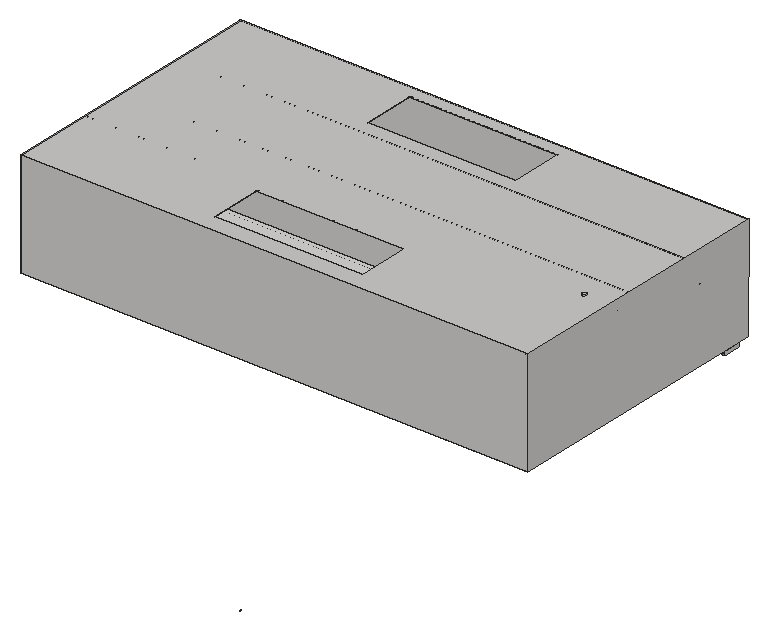
Revit family "QF_ELECTROLUXPROFESSIONAL_640230_STPF1324", category Specialty Equipment, Revit 2014
Reference planes
  plane 1: z = 0
  plane 2 "Center (Left/Right)": x = 150
  plane 3 "LEFT": x = -1050
  plane 4 "RIGHT": x = 1350
  plane 5 "BACK": y = 550
  plane 6 "TOP": z = 2500
  plane 7 "Base": z = 2000
  plane 8: z = 1955
  plane 9 "DrainY": y = 490
  plane 10: x = -1047
  plane 11 "DrainX": x = 1230
  plane 12 "AOLeft2": x = 500
  plane 13: x = 1347
  plane 14: x = -850
  plane 15: x = 1150
  plane 16 "Center (Front/Back)": y = -100
  plane 17 "Front": y = -750
  plane 18 "AOLeft1": x = -200
  plane 19: y = -664
  plane 20: y = -414
  plane 21: y = 240
  plane 22: y = 490
  plane 23 "EI_y": y = -270
  plane 24 "EIx": x = 1230
Forms (mm)
  Extrusion 1, solid, material "QF_Finishes_Stainless Steel"
    sketch origin (-1050, 0, 360) x (0, 1, 0) y (0, 0, 1)
      loop
        line (550, 1640) -> (550, 2140) -> (-750, 2140) -> (-750, 1640) -> (550, 1640)
    from 0 to 3
  Extrusion 2, solid, material "QF_Finishes_Stainless Steel"
    sketch origin (1350, 0, 360) x (0, 1, 0) y (0, 0, 1)
      loop
        line (550, 1640) -> (550, 2140) -> (-750, 2140) -> (-750, 1640) -> (550, 1640)
    from 0 to -3
  Extrusion 3, solid, material "QF_Finishes_Stainless Steel"
    sketch origin (150, 0, 360) x (0, 1, 0) y (0, 0, 1)
      loop
        line (-750, 2140) -> (-750, 1640) -> (-740, 1640) -> (-740, 1640.8) -> (-749.2, 1640.8) -> (-749.2, 2139.19) -> (549.2, 2139.19) -> (549.2, 1640.8) -> (540, 1640.8) -> (540, 1640) -> (550, 1640) -> (550, 2140) -> (-750, 2140)
    from -1200 to 1200
  Extrusion 4, solid, material "QF_Finishes_Stainless Steel"
    sketch origin (0, 0, 2000) x (0, 1, 0) y (-1, 0, 0)
      loop
        circle (490, -1230) r 4.763
    from -30 to 0
  Extrusion 5, void
    sketch origin (0, 0, 2500) x (0, 1, 0) y (-1, 0, 0)
      loop
        line (-414, -500) -> (-414, 200) -> (-664, 200) -> (-664, -500) -> (-414, -500)
    from 0 to -10
  Extrusion 6, solid, material "QF_Finishes_Stainless Steel"
    sketch origin (0, 0, 0) x (1, 0, 0) y (0, 1, 0)
      loop
        line (-1050, 550) -> (-1050, 549) -> (-1049, 549) -> (-1049, 550) -> (-1050, 550)
    from 0 to 1
  Extrusion 7, solid, material "QF_LAMPS"
    sketch origin (150, 0, 360) x (0, 1, 0) y (0, 0, 1)
      loop
        line (-372.823, 1962.324) -> (-218.948, 2086.929) -> (-227.129, 2097.032) -> (-381.003, 1972.426) -> (-372.823, 1962.324)
    from 1197 to -1197
  Extrusion 8, solid, material "QF_Finishes_Stainless Steel"
    sketch origin (150, 0, 360) x (0, 1, 0) y (0, 0, 1)
      loop
        line (-750, 2139.19) -> (-750, 1640) -> (-686.602, 1640) -> (-599.146, 1690.493) -> (-610.058, 1709.394) -> (-666.564, 1676.77) -> (-714.704, 1680.982) -> (-749.2, 1730.248) -> (-749.2, 2139.19) -> (-750, 2139.19)
      loop
        line (-373.6, 1961.694) -> (-381.937, 1971.99) -> (-369.095, 1982.182) -> (-369.095, 2139.19) -> (-369.895, 2139.19) -> (-369.895, 1982.569) -> (-682.298, 1734.63) -> (-671.091, 1720.79) -> (-373.6, 1961.694)
      loop
        line (-227.61, 2099.216) -> (-218.171, 2087.559) -> (-154.411, 2139.19) -> (-155.682, 2139.19) -> (-218.052, 2088.684) -> (-226.989, 2099.719) -> (-227.61, 2099.216)
    from -1197 to 1197
  Sweep 9, solid, material "QF_Finishes_Stainless Steel"
    path origin (0, 0, 0) x (1, 0, 0) y (0, 1, 0)
      loop
        line (1350, 550) -> (-1050, 550) -> (-1050, -750) -> (1350, -750) -> (1350, 550)
    profile origin (1350, -100, 0) x (1, 0, 0) y (0, 0, 1)
      loop
        line (-3, 2000) -> (-3, 2000.8) -> (-19, 2000.8) -> (-19, 2010) -> (-20, 2010) -> (-20, 2000) -> (-3, 2000)
  Extrusion 10, solid, material "QF_Finishes_Stainless Steel"
    sketch origin (150, 0, 0) x (0, 1, 0) y (0, 0, 1)
      loop
        line (414.66, 2095.469) -> (440.643, 2110.471) -> (261.744, 2411.771) -> (235.948, 2396.455) -> (414.66, 2095.469)
    from -1197 to -1000
  Extrusion 11, solid, material "QF_Finishes_Stainless Steel"
    sketch origin (1230, 0, 0) x (0, 1, 0) y (0, 0, 1)
      loop
        line (539, 2000) -> (441, 2000) -> (441, 1989) -> (448.5, 1989) -> (448.5, 1965)
        arc (448.5, 1965) -> (451.429, 1957.929) -> (458.5, 1955) r 10
        line (458.5, 1955) -> (521.5, 1955)
        arc (521.5, 1955) -> (528.571, 1957.929) -> (531.5, 1965) r 10
        line (531.5, 1965) -> (531.5, 1989) -> (539, 1989) -> (539, 2000)
    from 90 to -90
  Extrusion 12, solid, material "QF_Finishes_Stainless Steel"
    sketch origin (150, 0, 360) x (0, 1, 0) y (0, 0, 1)
      loop
        line (-750, 2139.19) -> (-750, 1640) -> (-686.602, 1640) -> (-599.146, 1690.493) -> (-610.058, 1709.394) -> (-666.564, 1676.77) -> (-714.704, 1680.982) -> (-749.2, 1730.248) -> (-749.2, 2139.19) -> (-750, 2139.19)
      loop
        line (-373.6, 1961.694) -> (-381.937, 1971.99) -> (-369.095, 1982.182) -> (-369.095, 2139.19) -> (-369.895, 2139.19) -> (-369.895, 1982.569) -> (-682.298, 1734.63) -> (-671.091, 1720.79) -> (-373.6, 1961.694)
      loop
        line (-227.61, 2099.216) -> (-218.171, 2087.559) -> (-154.411, 2139.19) -> (-155.682, 2139.19) -> (-218.052, 2088.684) -> (-226.989, 2099.719) -> (-227.61, 2099.216)
    from -1197 to 1197
  Extrusion 13, solid, material "QF_Finishes_Stainless Steel"
    sketch origin (150, 0, 0) x (0, 1, 0) y (0, 0, 1)
      loop
        line (414.66, 2095.469) -> (440.643, 2110.471) -> (261.744, 2411.771) -> (235.948, 2396.455) -> (414.66, 2095.469)
    from 1000 to 1197
  Extrusion 14, solid, material "QF_Finished_Chrome"
    sketch origin (150, 0, 0) x (0, 1, 0) y (0, 0, 1)
      loop
        line (414.66, 2095.469) -> (440.643, 2110.471) -> (261.744, 2411.771) -> (235.948, 2396.455) -> (414.66, 2095.469)
    from -1000 to 1000
  Extrusion 15, void
    sketch origin (0, 1180, 2500) x (0, 1, 0) y (-1, 0, 0)
      loop
        line (-690, -500) -> (-690, 200) -> (-940, 200) -> (-940, -500) -> (-690, -500)
    from 0 to -10
  Extrusion 16, solid, material "QF_Finishes_Stainless Steel"
    sketch origin (0, 0, 2500) x (0, 1, 0) y (-1, 0, 0)
      loop
        circle (-270, -1230) r 10
    from 0 to 1.6
  Extrusion 17, solid, material "QF_Finishes_Stainless Steel"
    sketch origin (150, 0, 360) x (0, 1, 0) y (0, 0, 1)
      loop
        line (430.005, 1640) -> (540, 1640) -> (540, 1640.8) -> (430.467, 1640.8) -> (371.906, 1742.23) -> (414.858, 1734.657) -> (442.266, 1750.481) -> (442.266, 1765.943) -> (441.466, 1765.943) -> (441.466, 1750.943) -> (414.709, 1735.495) -> (321.153, 1751.991) -> (320.875, 1750.416) -> (371.4, 1741.507) -> (430.005, 1640)
      loop
        line (172.529, 2139.19) -> (242.893, 2017.316) -> (245.133, 2018.715) -> (240.13, 2027.381) -> (238.569, 2026.405) -> (173.453, 2139.19) -> (172.529, 2139.19)
    from -1197 to 1197
Cuts and joins
  Extrusion 5, Extrusion 15 cuts Extrusion 3
  joined: Extrusion 2, Extrusion 3, Sweep 9
Lines and regions (mm)
  symbolic lines, style "SpecialityEquipment", detail levels coarse
    curve 1: line (1350, 550, 2500) -> (-1050, 550, 2500)
    curve 2: line (-1050, 550, 2500) -> (-1050, -750, 2500)
    curve 3: line (1350, -750, 2500) -> (1350, 550, 2500)
    curve 4: line (-1050, 550, 0) -> (1350, -750, 0)
    curve 5: line (1350, 550, 0) -> (-1050, -750, 0)
    curve 6: line (-1050, -750, 0) -> (1350, -750, 0)
    curve 7: line (500, -414, 0) -> (-200, -414, 0)
    curve 8: line (500, -664, 0) -> (500, -414, 0)
    curve 9: line (-200, -664, 0) -> (500, -664, 0)
    curve 10: line (-200, -414, 0) -> (-200, -664, 0)
  symbolic lines, detail levels coarse
    curve 11: line (-200, 240, 2500) -> (500, 240, 2500)
    curve 12: line (-200, 490, 2500) -> (-200, 240, 2500)
    curve 13: line (500, 490, 2500) -> (-200, 490, 2500)
    curve 14: line (500, 240, 2500) -> (500, 490, 2500)
Dimensions and locks
  plane 3 "LEFT" to plane 4 "RIGHT" = 2400 mm
  equal spacing: plane 3 "LEFT", plane 2 "Center (Left/Right)", plane 4 "RIGHT"
  plane 7 "Base" to plane 8 = 45 mm
  plane 5 "BACK" to plane 9 "DrainY" = 60 mm  (x2)
  plane 3 "LEFT" to plane 10 = 3 mm
  plane 11 "DrainX" to plane 4 "RIGHT" = 120 mm
  plane 13 to plane 4 "RIGHT" = 3 mm
  plane 3 "LEFT" to plane 14 = 200 mm
  plane 15 to plane 4 "RIGHT" = 200 mm
  locked: plane 7 "Base" to level at 2000
  locked: plane 6 "TOP" to plane 7 "Base" at 500
  locked: plane 5 "BACK" to plane 17 "Front" at 1300
  equal spacing: plane 5 "BACK", plane 16 "Center (Front/Back)", plane 17 "Front"
  locked: plane 20 to plane 19 at 250
  plane 19 to plane 17 "Front" = 86 mm
  locked: plane 22 to plane 21 at 250
  plane 5 "BACK" to plane 22 = 60 mm
  locked: plane 23 "EI_y" to plane 17 "Front" at 480
  locked: plane 24 "EIx" to plane 4 "RIGHT" at 120
  locked: plane 18 "AOLeft1" to plane 12 "AOLeft2" at 700
  equal spacing: plane 18 "AOLeft1", plane 2 "Center (Left/Right)", plane 12 "AOLeft2"
  plane 5 "BACK" to plane 17 "Front" = 1300 mm
  aligned and locked: level to plane 1
  aligned and locked: plane 4 "RIGHT" to Extrusion 3
  aligned and locked: Extrusion 3 to plane 3 "LEFT"
  aligned and locked: Extrusion 2 to plane 13
  aligned and locked: Extrusion 10 to plane 10
  aligned and locked: Extrusion 8 to plane 10
  aligned and locked: plane 13 to Extrusion 8
  aligned and locked: Extrusion 5 to plane 18 "AOLeft1"
  aligned and locked: Extrusion 5 to plane 12 "AOLeft2"
  aligned and locked: plane 14 to Extrusion 10
  aligned and locked: plane 15 to Extrusion 13
  aligned and locked: plane 13 to Extrusion 13
  aligned and locked: Extrusion 14 to plane 14
  aligned and locked: Extrusion 14 to plane 15
  aligned and locked: plane 13 to Extrusion 7
  aligned and locked: Extrusion 7 to plane 10
  aligned and locked: Extrusion 15 to plane 21
  aligned and locked: plane 22 to Extrusion 15
  aligned and locked: Extrusion 15 to plane 18 "AOLeft1"
  aligned and locked: Extrusion 15 to plane 12 "AOLeft2"
  aligned and locked: Extrusion 17 to plane 10
  aligned and locked: plane 13 to Extrusion 17
  aligned and locked: plane 13 to Extrusion 12
  aligned and locked: Extrusion 12 to plane 10
  aligned and locked: cut or joined group of Extrusion 2, Extrusion 3, Extrusion 5, Sweep 9, Extrusion 15 to curve 7
  aligned and locked: cut or joined group of Extrusion 2, Extrusion 3, Extrusion 5, Sweep 9, Extrusion 15 to plane 19
  aligned and locked: curve 9 to plane 19
Automatic sketch dimensions
  curve 6 to plane 3 "LEFT" = 0 mm
  curve 4 to plane 3 "LEFT" = 0 mm
  curve 10 to plane 18 "AOLeft1" = 0 mm
  curve 8 to plane 12 "AOLeft2" = 0 mm
  curve 5 to plane 4 "RIGHT" = 0 mm
  curve 6 to plane 4 "RIGHT" = 0 mm
  curve 4 to plane 17 "Front" = 0 mm
  curve 4 to plane 5 "BACK" = 0 mm
  curve 5 to plane 5 "BACK" = 0 mm
  curve 2 to plane 3 "LEFT" = 0 mm
  curve 2 to plane 17 "Front" = 0 mm
  curve 3 to plane 4 "RIGHT" = 0 mm
  curve 3 to plane 17 "Front" = 0 mm
  curve 2 to plane 5 "BACK" = 0 mm
  Extrusion 1 sketch curve to plane 7 "Base" = 0 mm
  Extrusion 1 sketch curve to plane 17 "Front" = 0 mm
  Extrusion 1 sketch curve to plane 5 "BACK" = 0 mm
  Extrusion 1 sketch curve to plane 6 "TOP" = 0 mm
  Extrusion 2 sketch curve to plane 7 "Base" = 0 mm
  Extrusion 2 sketch curve to plane 17 "Front" = 0 mm
  Extrusion 2 sketch curve to plane 5 "BACK" = 0 mm
  Extrusion 2 sketch curve to plane 6 "TOP" = 0 mm
  Extrusion 3 sketch curve to plane 6 "TOP" = 0 mm
  Extrusion 3 sketch curve to plane 17 "Front" = 0 mm
  Extrusion 3 sketch curve to plane 7 "Base" = 0 mm  (x2)
  Extrusion 3 sketch curve to plane 5 "BACK" = 0 mm
  plane 17 "Front" to Extrusion 3 sketch curve = 0.8 mm
  Extrusion 3 sketch curve to Extrusion 3 sketch curve = 9.2 mm
  plane 7 "Base" to Extrusion 3 sketch curve = 0.8 mm  (x2)
  Extrusion 3 sketch curve to plane 5 "BACK" = 10 mm
  Extrusion 3 sketch curve to plane 5 "BACK" = 0.8 mm
  Extrusion 3 sketch curve to plane 6 "TOP" = 0.81 mm
  Extrusion 4 sketch curve to plane 9 "DrainY" = 0 mm
  Extrusion 4 sketch curve to plane 11 "DrainX" = 0 mm
  Extrusion 5 sketch curve to plane 12 "AOLeft2" = 0 mm
  Extrusion 5 sketch curve to plane 18 "AOLeft1" = 0 mm
  plane 19 to Extrusion 5 sketch curve = 0 mm
  Extrusion 5 sketch curve to plane 23 "EI_y" = 144 mm
  Extrusion 6 sketch curve to plane 3 "LEFT" = 0 mm
  Extrusion 6 sketch curve to plane 5 "BACK" = 0 mm
  plane 3 "LEFT" to Extrusion 6 sketch curve = 1 mm
  Extrusion 6 sketch curve to Extrusion 6 sketch curve = 1 mm
  plane 20 to Extrusion 7 sketch curve = 32.997 mm
  Extrusion 7 sketch curve to Extrusion 7 sketch curve = 8.181 mm  (x2)
  plane 23 "EI_y" to Extrusion 7 sketch curve = 42.871 mm
  Extrusion 7 sketch curve to plane 6 "TOP" = 177.676 mm
  Extrusion 7 sketch curve to Extrusion 7 sketch curve = 10.102 mm
  Extrusion 7 sketch curve to plane 6 "TOP" = 53.071 mm
  Extrusion 7 sketch curve to Extrusion 7 sketch curve = 10.103 mm
  Extrusion 8 sketch curve to plane 7 "Base" = 0 mm
  Extrusion 8 sketch curve to plane 17 "Front" = 0 mm
  Extrusion 8 sketch curve to Extrusion 8 sketch curve = 0.8 mm  (x2)
  plane 17 "Front" to Extrusion 8 sketch curve = 35.296 mm
  Extrusion 8 sketch curve to plane 19 = 22.602 mm
  Extrusion 8 sketch curve to plane 19 = 18.298 mm
  Extrusion 8 sketch curve to plane 19 = 7.091 mm
  Extrusion 8 sketch curve to plane 19 = 2.564 mm
  plane 19 to Extrusion 8 sketch curve = 53.942 mm
  Extrusion 8 sketch curve to Extrusion 8 sketch curve = 10.912 mm
  plane 20 to Extrusion 8 sketch curve = 32.063 mm
  Extrusion 8 sketch curve to Extrusion 8 sketch curve = 8.337 mm
  Extrusion 8 sketch curve to Extrusion 8 sketch curve = 12.042 mm
  plane 23 "EI_y" to Extrusion 8 sketch curve = 42.39 mm
  Extrusion 8 sketch curve to Extrusion 8 sketch curve = 0.622 mm
  Extrusion 8 sketch curve to Extrusion 8 sketch curve = 9.44 mm
  Extrusion 8 sketch curve to Extrusion 8 sketch curve = 0.118 mm
  Extrusion 8 sketch curve to plane 6 "TOP" = 0.81 mm  (x3)
  Extrusion 8 sketch curve to plane 16 "Center (Front/Back)" = 55.682 mm
  Extrusion 8 sketch curve to Extrusion 8 sketch curve = 1.271 mm
  plane 7 "Base" to Extrusion 8 sketch curve = 36.77 mm
  plane 7 "Base" to Extrusion 8 sketch curve = 40.982 mm
  plane 7 "Base" to Extrusion 8 sketch curve = 50.493 mm
  Extrusion 8 sketch curve to Extrusion 8 sketch curve = 18.901 mm
  Extrusion 8 sketch curve to Extrusion 8 sketch curve = 44.02 mm
  Extrusion 8 sketch curve to Extrusion 8 sketch curve = 49.266 mm
  Extrusion 8 sketch curve to Extrusion 8 sketch curve = 13.84 mm
  Extrusion 8 sketch curve to plane 6 "TOP" = 178.306 mm
  Extrusion 8 sketch curve to Extrusion 8 sketch curve = 10.296 mm
  Extrusion 8 sketch curve to Extrusion 8 sketch curve = 10.192 mm
  Extrusion 8 sketch curve to Extrusion 8 sketch curve = 0.386 mm
  Extrusion 8 sketch curve to plane 6 "TOP" = 52.441 mm
  Extrusion 8 sketch curve to Extrusion 8 sketch curve = 1.125 mm
  Sweep 9 sketch curve to plane 3 "LEFT" = 0 mm
  Sweep 9 sketch curve to plane 4 "RIGHT" = 0 mm
  Sweep 9 sketch curve to plane 17 "Front" = 0 mm
  Sweep 9 sketch curve to plane 5 "BACK" = 0 mm
  profile plane to Sweep 9 sketch curve = 20 mm
  Sweep 9 sketch curve to Sweep 9 sketch curve = 1 mm
  profile plane to Sweep 9 sketch curve = 3 mm
  level to Sweep 9 sketch curve = 2000 mm
  Sweep 9 sketch curve to Sweep 9 sketch curve = 0.8 mm
  Sweep 9 sketch curve to Sweep 9 sketch curve = 9.2 mm
  Extrusion 10 sketch curve to plane 21 = 4.052 mm
  plane 21 to Extrusion 10 sketch curve = 21.744 mm
  Extrusion 10 sketch curve to plane 9 "DrainY" = 75.34 mm
  Extrusion 10 sketch curve to Extrusion 10 sketch curve = 25.983 mm
  plane 7 "Base" to Extrusion 10 sketch curve = 95.469 mm
  Extrusion 10 sketch curve to Extrusion 10 sketch curve = 15.001 mm
  Extrusion 10 sketch curve to plane 6 "TOP" = 103.545 mm
  Extrusion 10 sketch curve to Extrusion 10 sketch curve = 15.316 mm
  Extrusion 12 sketch curve to plane 7 "Base" = 0 mm
  Extrusion 12 sketch curve to plane 17 "Front" = 0 mm
  Extrusion 12 sketch curve to Extrusion 12 sketch curve = 0.8 mm  (x2)
  plane 17 "Front" to Extrusion 12 sketch curve = 35.296 mm
  Extrusion 12 sketch curve to plane 19 = 22.602 mm
  Extrusion 12 sketch curve to plane 19 = 18.298 mm
  Extrusion 12 sketch curve to plane 19 = 7.091 mm
  Extrusion 12 sketch curve to plane 19 = 2.564 mm
  plane 19 to Extrusion 12 sketch curve = 53.942 mm
  Extrusion 12 sketch curve to Extrusion 12 sketch curve = 10.912 mm
  plane 20 to Extrusion 12 sketch curve = 32.063 mm
  Extrusion 12 sketch curve to Extrusion 12 sketch curve = 8.337 mm
  Extrusion 12 sketch curve to plane 6 "TOP" = 0.81 mm  (x3)
  plane 20 to Extrusion 12 sketch curve = 44.105 mm
  plane 23 "EI_y" to Extrusion 12 sketch curve = 42.39 mm
  Extrusion 12 sketch curve to Extrusion 12 sketch curve = 0.622 mm
  Extrusion 12 sketch curve to Extrusion 12 sketch curve = 9.44 mm
  Extrusion 12 sketch curve to Extrusion 12 sketch curve = 0.118 mm
  Extrusion 12 sketch curve to plane 16 "Center (Front/Back)" = 55.682 mm
  Extrusion 12 sketch curve to Extrusion 12 sketch curve = 1.271 mm
  plane 7 "Base" to Extrusion 12 sketch curve = 36.77 mm
  plane 7 "Base" to Extrusion 12 sketch curve = 40.982 mm
  plane 7 "Base" to Extrusion 12 sketch curve = 50.493 mm
  Extrusion 12 sketch curve to Extrusion 12 sketch curve = 18.901 mm
  Extrusion 12 sketch curve to Extrusion 12 sketch curve = 44.02 mm
  Extrusion 12 sketch curve to Extrusion 12 sketch curve = 49.266 mm
  Extrusion 12 sketch curve to Extrusion 12 sketch curve = 13.84 mm
  Extrusion 12 sketch curve to Extrusion 12 sketch curve = 177.496 mm
  Extrusion 12 sketch curve to Extrusion 12 sketch curve = 10.296 mm
  Extrusion 12 sketch curve to Extrusion 12 sketch curve = 10.192 mm
  Extrusion 12 sketch curve to Extrusion 12 sketch curve = 0.386 mm
  Extrusion 12 sketch curve to plane 6 "TOP" = 52.441 mm
  Extrusion 12 sketch curve to Extrusion 12 sketch curve = 1.125 mm
  Extrusion 13 sketch curve to plane 21 = 4.052 mm
  plane 21 to Extrusion 13 sketch curve = 21.744 mm
  Extrusion 13 sketch curve to plane 9 "DrainY" = 75.34 mm
  Extrusion 13 sketch curve to Extrusion 13 sketch curve = 25.983 mm
  plane 7 "Base" to Extrusion 13 sketch curve = 95.469 mm
  Extrusion 13 sketch curve to Extrusion 13 sketch curve = 15.001 mm
  Extrusion 13 sketch curve to plane 6 "TOP" = 103.545 mm
  Extrusion 13 sketch curve to Extrusion 13 sketch curve = 15.316 mm
  Extrusion 14 sketch curve to plane 21 = 4.052 mm
  plane 21 to Extrusion 14 sketch curve = 21.744 mm
  Extrusion 14 sketch curve to plane 9 "DrainY" = 75.34 mm
  Extrusion 14 sketch curve to Extrusion 14 sketch curve = 25.983 mm
  plane 7 "Base" to Extrusion 14 sketch curve = 95.469 mm
  Extrusion 14 sketch curve to Extrusion 14 sketch curve = 15.001 mm
  Extrusion 14 sketch curve to plane 6 "TOP" = 103.545 mm
  Extrusion 14 sketch curve to Extrusion 14 sketch curve = 15.316 mm
  Extrusion 15 sketch curve to plane 12 "AOLeft2" = 0 mm
  Extrusion 15 sketch curve to plane 21 = 0 mm
  Extrusion 15 sketch curve to plane 9 "DrainY" = 0 mm
  Extrusion 15 sketch curve to plane 18 "AOLeft1" = 0 mm
  Extrusion 16 sketch curve to plane 23 "EI_y" = 0 mm
  Extrusion 16 sketch curve to plane 24 "EIx" = 0 mm
  Extrusion 17 sketch curve to plane 7 "Base" = 0 mm
  Extrusion 17 sketch curve to plane 9 "DrainY" = 47.734 mm
  Extrusion 17 sketch curve to Extrusion 17 sketch curve = 0.8 mm
  plane 9 "DrainY" to Extrusion 17 sketch curve = 50 mm
  plane 7 "Base" to Extrusion 17 sketch curve = 0.8 mm
  Extrusion 17 sketch curve to Extrusion 17 sketch curve = 109.533 mm
  Extrusion 17 sketch curve to Extrusion 17 sketch curve = 0.462 mm  (x2)
  Extrusion 17 sketch curve to Extrusion 17 sketch curve = 26.608 mm
  Extrusion 17 sketch curve to Extrusion 17 sketch curve = 0.148 mm
  Extrusion 17 sketch curve to Extrusion 17 sketch curve = 42.803 mm
  Extrusion 17 sketch curve to Extrusion 17 sketch curve = 0.506 mm
  Extrusion 17 sketch curve to Extrusion 17 sketch curve = 50.247 mm
  Extrusion 17 sketch curve to Extrusion 17 sketch curve = 0.278 mm
  plane 21 to Extrusion 17 sketch curve = 5.133 mm
  Extrusion 17 sketch curve to Extrusion 17 sketch curve = 2.24 mm
  plane 21 to Extrusion 17 sketch curve = 0.13 mm
  Extrusion 17 sketch curve to plane 21 = 1.431 mm
  Extrusion 17 sketch curve to plane 6 "TOP" = 0.81 mm
  Extrusion 17 sketch curve to plane 21 = 66.547 mm
  Extrusion 17 sketch curve to Extrusion 17 sketch curve = 0.924 mm
  plane 7 "Base" to Extrusion 17 sketch curve = 94.657 mm
  Extrusion 17 sketch curve to Extrusion 17 sketch curve = 0.838 mm
  Extrusion 17 sketch curve to Extrusion 17 sketch curve = 6.012 mm
  Extrusion 17 sketch curve to Extrusion 17 sketch curve = 0.723 mm
  Extrusion 17 sketch curve to Extrusion 17 sketch curve = 14.986 mm
  Extrusion 17 sketch curve to Extrusion 17 sketch curve = 15 mm
  Extrusion 17 sketch curve to plane 6 "TOP" = 122.684 mm
  Extrusion 17 sketch curve to Extrusion 17 sketch curve = 1.399 mm
  Extrusion 17 sketch curve to Extrusion 17 sketch curve = 9.089 mm
  Extrusion 17 sketch curve to Extrusion 17 sketch curve = 0.975 mm
  curve 11 to plane 18 "AOLeft1" = 0 mm
  curve 11 to plane 21 = 0 mm
  curve 12 to plane 9 "DrainY" = 0 mm
  curve 11 to plane 12 "AOLeft2" = 0 mm
  Extrusion 11 sketch curve to plane 8 = 0 mm
  Extrusion 11 sketch curve to plane 7 "Base" = 11 mm  (x2)
  Extrusion 11 sketch curve to plane 9 "DrainY" = 49 mm
  Extrusion 11 sketch curve to Extrusion 11 sketch curve = 7.5 mm  (x2)
  Extrusion 11 sketch curve to Extrusion 11 sketch curve = 10 mm
  Extrusion 11 sketch curve to plane 5 "BACK" = 28.5 mm
  Extrusion 11 sketch curve to plane 5 "BACK" = 18.5 mm
  plane 7 "Base" to Extrusion 11 sketch curve = 0 mm
  radius of Extrusion 4 sketch curve = 4.763 mm
  radius of Extrusion 16 sketch curve = 10 mm
Connectors
  piping at (1230, 490, 1970), diameter 9.5
    settings: on Extrusion 4, index 1, connector inside diameter 609.6 mm, connector length 0 mm, flow factor 0, pipe flow 0.0 L/s, pressure drop 0.0 Pa, fitting loss kfactor 0, connector angle 0.00°, fixture units 0, engagement length 0 mm, angle of deflection 0.00°, flow configuration 1, flow direction 2, fitting loss method 0, system type 16, joint type 0, gender type 0, connector reference index -1, connector utility 0, adjustable connector no, is connector primary yes, connector description "Drain"
  hvac at (150, -539, 2500)
    settings: on Extrusion 5, index 2, duct flow 0.0 L/s, flow factor 0, pres drop 0.0 Pa, loss coef 0, conn angle 0.00°, conn width 250 mm, conn height 700 mm, conn diameter 609.6 mm, duct sys type 1, conn prof type 1, flow config 1, flow direction 1, loss method 0, conn ref index -1, conn util no, is conn primary yes, conn desc "AIR INLET"
  hvac at (150, 365, 2500)
    settings: on Extrusion 15, index 4, duct flow 0.0 L/s, flow factor 0, pres drop 0.0 Pa, loss coef 0, conn angle 0.00°, conn width 250 mm, conn height 700 mm, conn diameter 609.6 mm, duct sys type 3, conn prof type 1, flow config 1, flow direction 2, loss method 0, conn ref index -1, conn util no, is conn primary no, conn desc "EXHAUST OUTLET"
  electrical at (1230, -270, 2501.6)
    settings: on Extrusion 16, index 6, voltage 0 V, apparent load 0 VA, apparent load phase1 0 VA, apparent load phase2 0 VA, apparent load phase3 0 VA, power factor 1, load classification "Other", number of poles 1, system type 30, power factor state 1, is connector primary yes, connector utility no, sub classification motor no, connector description "Electrical Connection"
